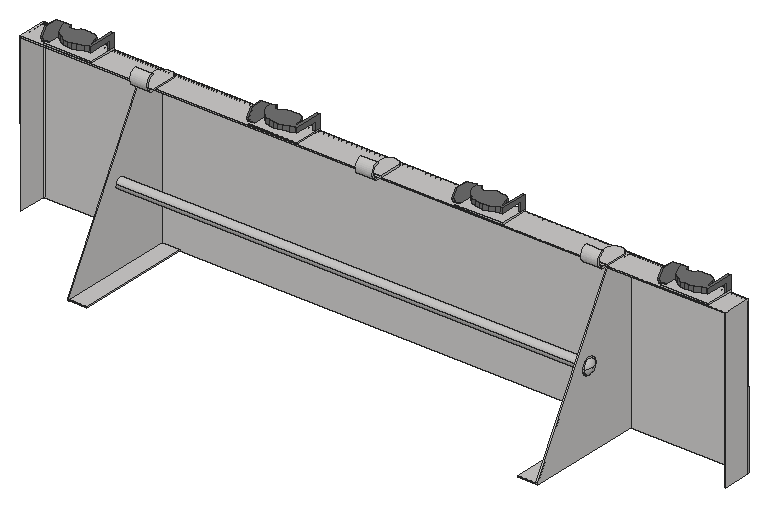
Revit family "RBA BIM - B224", category Specialty Equipment, host Face, Revit 2013
Parameters (values of type "B-224")
  URL = "www.rba.com.au"
  Type Comments = "Satin Finish"
  Product Page URL = ""
  Product Name = "Utility Shelf with Mop/Broom Holders And Rag Hooks"
  Model = "B-224"
  Manufacturer = "RBA Group"
  Finish Material = Stainless Steel-Bobrick-Satin
  Default Elevation = 1.2192 m
  Assembly Code = "C1030200"
  ADA Compliant = yes
Reference planes (m)
  plane 1 "Center (Front/Back)": y = 0
  plane 2: z = 0
  plane 3 "Center (Left/Right)": x = 0
  plane 4: y = -0.1524
  plane 5 "Left": x = -0.4572
  plane 6 "Right": x = 0.4572
  plane 7: y = -0.0381
  plane 8: y = -0.09525
  plane 9 "Front": z = 0.2032
  plane 10: x = -0.2921
  plane 11: x = 0.2921
  plane 12: x = -0.40005
  plane 13: x = -0.13335
  plane 14: x = 0.13335
  plane 15: x = 0.40005
  plane 16: z = 0.001587
  plane 17: x = -0.3048
  plane 18: x = -0.2794
  plane 19: x = -0.303212
  plane 20: z = 0.001587
  plane 21: x = 0.3048
  plane 22: x = 0.2794
  plane 23: x = 0.303213
  plane 24: z = 0.1016
  plane 25: y = -0.06985
Forms (m)
  Sweep 1, solid, material "Stainless Steel-Bobrick-Satin" <- "Finish Material"
    path origin (0, 0, 0) x (1, 0, 0) y (0, 0, 1)
      loop
        line (-0.4572, 0) -> (-0.4572, 0.2032) -> (0.4572, 0.2032) -> (0.4572, 0)
    profile origin (-0.4572, 0, 0) x (-1, 0, 0) y (0, -1, 0)
      loop
        line (0, 0.0381) -> (-0.001191, 0.0381) -> (-0.001191, 0.002778)
        arc (-0.001191, 0.002778) -> (-0.001656, 0.001656) -> (-0.002778, 0.001191) r 0.001587
        line (-0.002778, 0.001191) -> (-0.0254, 0.001191) -> (-0.0254, 0) -> (-0.001578, 0)
        arc (-0.001578, 0) -> (-0.000462, 0.000462) -> (0, 0.001578) r 0.001578
        line (0, 0.001578) -> (0, 0.0381)
  Extrusion 2, solid, material "Stainless Steel-Bobrick-Satin" <- "Finish Material"
    sketch origin (0, 0, 0) x (1, 0, 0) y (0, 0, 1)
      loop
        line (-0.4318, 0.1778) -> (-0.4318, 0) -> (0.4318, 0) -> (0.4318, 0.1778) -> (-0.4318, 0.1778)
    from 0 to 0.001191
  Extrusion 3, solid, material "Stainless Steel-Bobrick-Satin" <- "Finish Material"
    sketch origin (0, 0, 0) x (0, 1, 0) y (0, 0, 1)
      loop
        line (-0.001191, 0) -> (-0.001191, 0.001587) -> (-0.1524, 0.001587) -> (-0.1524, 0) -> (-0.001191, 0)
    from -0.3048 to -0.2794
  Extrusion 4, solid, material "Stainless Steel-Bobrick-Satin" <- "Finish Material"
    sketch origin (0, 0, 0) x (0, 1, 0) y (0, 0, 1)
      loop
        line (-0.1524, 0) -> (-0.001191, 0) -> (-0.001191, 0.200422)
        arc (-0.001191, 0.200422) -> (-0.001656, 0.201544) -> (-0.002778, 0.202009) r 0.001587
        line (-0.002778, 0.202009) -> (-0.0381, 0.202009) -> (-0.1524, 0.001587) -> (-0.1524, 0)
    from -0.3048 to -0.303213
  Extrusion 5, solid, material "Stainless Steel-Bobrick-Satin" <- "Finish Material"
    sketch origin (0, 0, 0) x (0, 1, 0) y (0, 0, -1)
      loop
        line (-0.001191, 0) -> (-0.1524, 0) -> (-0.1524, -0.001587) -> (-0.001191, -0.001587) -> (-0.001191, 0)
    from -0.3048 to -0.2794
  Extrusion 6, solid, material "Stainless Steel-Bobrick-Satin" <- "Finish Material"
    sketch origin (0, 0, 0) x (0, 1, 0) y (0, 0, -1)
      loop
        line (-0.1524, 0) -> (-0.1524, -0.001587) -> (-0.0381, -0.202009) -> (-0.002778, -0.202009)
        arc (-0.002778, -0.202009) -> (-0.001656, -0.201544) -> (-0.001191, -0.200422) r 0.001587
        line (-0.001191, -0.200422) -> (-0.001191, 0) -> (-0.1524, 0)
    from -0.3048 to -0.303213
  Extrusion 7, solid, material "Stainless Steel-Bobrick-Satin" <- "Finish Material", detail levels fine
    sketch origin (0, 0, 0.2032) x (-1, 0, 0) y (0, -1, 0)
      loop
        line (0.303212, 0.0381) -> (0.28135, 0.0381) -> (0.28135, 0.008898)
        arc (0.28135, 0.008898) -> (0.292281, 0.001191) -> (0.303212, 0.008898) r 0.011606
        line (0.303212, 0.008898) -> (0.303212, 0.0381)
    from 0 to 0.001587
  Extrusion 8, solid, material "Stainless Steel-Bobrick-Satin" <- "Finish Material", detail levels fine
    sketch origin (0, 0, 0) x (0, 1, 0) y (0, 0, 1)
      loop
        arc (-0.0424, 0.204787) -> (-0.051104, 0.212829) -> (-0.043776, 0.222141) r 0.008731
        line (-0.043776, 0.222141) -> (-0.043776, 0.223745)
        arc (-0.043776, 0.223745) -> (-0.052696, 0.21283) -> (-0.0424, 0.2032) r 0.010319
        line (-0.0424, 0.2032) -> (-0.0381, 0.2032) -> (-0.0381, 0.204787) -> (-0.0424, 0.204787)
    from -0.303213 to -0.28135
  Extrusion 9, solid, material "Stainless Steel-Bobrick-Satin" <- "Finish Material", detail levels fine
    sketch origin (0.584562, 0, 0.2032) x (-1, 0, 0) y (0, -1, 0)
      loop
        line (0.303212, 0.0381) -> (0.28135, 0.0381) -> (0.28135, 0.008898)
        arc (0.28135, 0.008898) -> (0.292281, 0.001191) -> (0.303212, 0.008898) r 0.011606
        line (0.303212, 0.008898) -> (0.303212, 0.0381)
    from 0 to 0.001587
  Extrusion 10, solid, material "Stainless Steel-Bobrick-Satin" <- "Finish Material", detail levels fine
    sketch origin (0.584562, 0, 0) x (0, 1, 0) y (0, 0, 1)
      loop
        arc (-0.0424, 0.204787) -> (-0.051104, 0.212829) -> (-0.043776, 0.222141) r 0.008731
        line (-0.043776, 0.222141) -> (-0.043776, 0.223745)
        arc (-0.043776, 0.223745) -> (-0.052696, 0.21283) -> (-0.0424, 0.2032) r 0.010319
        line (-0.0424, 0.2032) -> (-0.0381, 0.2032) -> (-0.0381, 0.204787) -> (-0.0424, 0.204787)
    from -0.303213 to -0.28135
  Extrusion 11, solid, material "Stainless Steel-Bobrick-Satin" <- "Finish Material", detail levels fine
    sketch origin (0.2921, 0, 0.2032) x (-1, 0, 0) y (0, -1, 0)
      loop
        line (0.303212, 0.0381) -> (0.28135, 0.0381) -> (0.28135, 0.008898)
        arc (0.28135, 0.008898) -> (0.292281, 0.001191) -> (0.303212, 0.008898) r 0.011606
        line (0.303212, 0.008898) -> (0.303212, 0.0381)
    from 0 to 0.001587
  Extrusion 12, solid, material "Stainless Steel-Bobrick-Satin" <- "Finish Material", detail levels fine
    sketch origin (0.2921, 0, 0) x (0, 1, 0) y (0, 0, 1)
      loop
        arc (-0.0424, 0.204787) -> (-0.051104, 0.212829) -> (-0.043776, 0.222141) r 0.008731
        line (-0.043776, 0.222141) -> (-0.043776, 0.223745)
        arc (-0.043776, 0.223745) -> (-0.052696, 0.21283) -> (-0.0424, 0.2032) r 0.010319
        line (-0.0424, 0.2032) -> (-0.0381, 0.2032) -> (-0.0381, 0.204787) -> (-0.0424, 0.204787)
    from -0.303213 to -0.28135
  Extrusion 13, solid, material "Stainless Steel-Bobrick-Satin" <- "Finish Material", detail levels fine
    sketch origin (0, 0, 0) x (0, 1, 0) y (0, 0, 1)
      loop
        circle (-0.06985, 0.1016) r 0.00635
    from -0.3048 to 0.3048
  Revolve 14, solid, material "Stainless Steel-Bobrick-Satin" <- "Finish Material", detail levels fine
    sketch origin (0, 0, 0.101798) x (-1, 0, 0) y (0, -1, 0)
      loop
        line (0.3048, 0.06985) -> (0.3048, 0.059512) -> (0.305975, 0.059512) -> (0.305975, 0.060552)
        arc (0.305975, 0.060552) -> (0.309449, 0.064636) -> (0.310697, 0.06985) r 0.011517
        line (0.310697, 0.06985) -> (0.3048, 0.06985)
      axis (0.3048, 0.06985) -> (0.310697, 0.06985)
    angle from 0 to 360
  Revolve 15, solid, material "Stainless Steel-Bobrick-Satin" <- "Finish Material", detail levels fine
    sketch origin (0, 0, 0.101798) x (1, 0, 0) y (0, -1, 0)
      loop
        line (0.3048, 0.06985) -> (0.3048, 0.059512) -> (0.305975, 0.059512) -> (0.305975, 0.060552)
        arc (0.305975, 0.060552) -> (0.309449, 0.064636) -> (0.310697, 0.06985) r 0.011517
        line (0.310697, 0.06985) -> (0.3048, 0.06985)
      axis (0.3048, 0.06985) -> (0.310697, 0.06985)
    angle from 0 to 360
Cuts and joins
  joined: Sweep 1, Extrusion 2, Extrusion 3, Extrusion 5, Extrusion 6
  joined: Extrusion 7, Extrusion 8
Lines and regions (m)
  Masking region 1
    outline origin (0, 0, 0) x (0, 1, 0) y (0, 0, 1)
      loop
        line (0, 0) -> (0, 0.201604)
        arc (0, 0.201604) -> (-0.000467, 0.202733) -> (-0.001596, 0.2032) r 0.001596
        line (-0.001596, 0.2032) -> (-0.00075, 0.2032) -> (-0.00075, 0.22225) -> (-0.0381, 0.22225) -> (-0.0381, 0.202009) -> (-0.1524, 0.001588) -> (-0.1524, 0) -> (0, 0)
  Masking region 2, detail levels fine
    outline origin (0, 0, 0) x (0, 1, 0) y (0, 0, 1)
      loop
        arc (-0.0424, 0.204787) -> (-0.051104, 0.212829) -> (-0.043776, 0.222141) r 0.008731
        line (-0.043776, 0.222141) -> (-0.043776, 0.223745)
        arc (-0.043776, 0.223745) -> (-0.052696, 0.21283) -> (-0.0424, 0.2032) r 0.010319
        line (-0.0424, 0.2032) -> (-0.0381, 0.2032) -> (-0.0381, 0.204787) -> (-0.0424, 0.204787)
  Masking region 3, detail levels fine
    outline origin (0, 0, 0.2032) x (-1, 0, 0) y (0, -1, 0)
      loop
        line (0.3048, 0.059512) -> (0.305975, 0.059512) -> (0.305975, 0.060552)
        arc (0.305975, 0.060552) -> (0.310733, 0.06985) -> (0.305975, 0.079148) r 0.011465
        line (0.305975, 0.079148) -> (0.305975, 0.080188) -> (0.3048, 0.080188) -> (0.3048, 0.059512)
  Masking region 4, detail levels fine
    outline origin (0, 0, 0.2032) x (0, -1, 0) y (1, 0, 0)
      loop
        line (0.059512, 0.3048) -> (0.080188, 0.3048) -> (0.080188, 0.305975) -> (0.079148, 0.305975)
        arc (0.079148, 0.305975) -> (0.06985, 0.310733) -> (0.060552, 0.305975) r 0.011465
        line (0.060552, 0.305975) -> (0.059512, 0.305975) -> (0.059512, 0.3048)
  Masking region 5, detail levels medium+fine
    outline origin (0, 0, 0.2032) x (-1, 0, 0) y (0, -1, 0)
      loop
        line (0.303212, 0.0635) -> (0.303212, 0.0762) -> (-0.303213, 0.0762) -> (-0.303213, 0.0635) -> (0.303212, 0.0635)
  Masking region 6
    outline origin (0, 0, 0.2032) x (-1, 0, 0) y (0, -1, 0)
      loop
        line (0.4572, 0.0381) -> (-0.4572, 0.0381) -> (-0.4572, 0.001623)
        arc (-0.4572, 0.001623) -> (-0.456725, 0.000475) -> (-0.455577, 0) r 0.001623
        line (-0.455577, 0) -> (0.455637, 0)
        arc (0.455637, 0) -> (0.456742, 0.000458) -> (0.4572, 0.001563) r 0.001563
        line (0.4572, 0.001563) -> (0.4572, 0.0381)
  Masking region 7
    outline origin (0, 0, 0.2032) x (-1, 0, 0) y (0, -1, 0)
      loop
        line (0.3048, 0.0381) -> (0.3048, 0.1524) -> (0.2794, 0.1524) -> (0.2794, 0.0381) -> (0.3048, 0.0381)
      loop
        line (-0.2794, 0.0381) -> (-0.2794, 0.1524) -> (-0.3048, 0.1524) -> (-0.3048, 0.0381) -> (-0.2794, 0.0381)
  Masking region 8, detail levels fine
    outline origin (0, 0, 0.2032) x (-1, 0, 0) y (0, -1, 0)
      loop
        line (0.011112, 0.0381) -> (0.011112, 0.052719) -> (-0.01075, 0.052719) -> (-0.01075, 0.0381) -> (0.011112, 0.0381)
  Masking region 9
    outline origin (0, 0, 0) x (1, 0, 0) y (0, 0, 1)
      loop
        line (-0.457221, 0.203221) -> (-0.457221, 0) -> (0.4572, 0) -> (0.4572, 0.203221) -> (-0.457221, 0.203221)
  Masking region 10, detail levels fine
    outline origin (0, 0, 0) x (1, 0, 0) y (0, 0, 1)
      loop
        line (-0.365919, 0.2032) -> (-0.365919, 0.22225) -> (-0.427831, 0.22225) -> (-0.427831, 0.2032) -> (-0.365919, 0.2032)
      loop
        line (-0.099219, 0.2032) -> (-0.099219, 0.22225) -> (-0.161131, 0.22225) -> (-0.161131, 0.2032) -> (-0.099219, 0.2032)
      loop
        line (0.167481, 0.2032) -> (0.167481, 0.22225) -> (0.105569, 0.22225) -> (0.105569, 0.2032) -> (0.167481, 0.2032)
      loop
        line (0.434181, 0.2032) -> (0.434181, 0.22225) -> (0.372269, 0.22225) -> (0.372269, 0.2032) -> (0.434181, 0.2032)
  Masking region 11, detail levels fine
    outline origin (0, 0, 0) x (1, 0, 0) y (0, 0, 1)
      loop
        line (-0.303212, 0.223745) -> (-0.303212, 0.2032) -> (-0.28135, 0.2032) -> (-0.28135, 0.223745) -> (-0.303212, 0.223745)
      loop
        line (-0.011112, 0.223745) -> (-0.011112, 0.2032) -> (0.01075, 0.2032) -> (0.01075, 0.223745) -> (-0.011112, 0.223745)
      loop
        line (0.28135, 0.223745) -> (0.28135, 0.2032) -> (0.303213, 0.2032) -> (0.303213, 0.223745) -> (0.28135, 0.223745)
  symbolic lines, style "Uitilty Shelf - B224", detail levels medium+fine
    curve 1: arc (0, -0.0635, 0.1016) -> (0, -0.06985, 0.10795) -> (0, -0.0762, 0.1016) r 0.00635
    curve 2: arc (0, -0.0762, 0.1016) -> (0, -0.06985, 0.09525) -> (0, -0.0635, 0.1016) r 0.00635
  symbolic lines, style "Uitilty Shelf - B224"
    curve 3: line (0, -0.001596, 0.2032) -> (0, -0.0381, 0.2032)
    curve 6: line (0, -0.001191, 0.001587) -> (0, -0.1524, 0.001587)
    curve 7: line (0, -0.001191, 0.200422) -> (0, -0.001191, 0.001587)
    curve 8: line (0, -0.0381, 0.202009) -> (0, -0.002778, 0.202009)
    curve 9: arc (0, -0.001191, 0.200422) -> (0, -0.001656, 0.201544) -> (0, -0.002778, 0.202009) r 0.001587
  symbolic lines, style "Uitilty Shelf - B224", detail levels fine
    curve 4: line (0, -0.0071, 0.2032) -> (0, -0.0071, 0.2159)
    curve 5: line (0, -0.0071, 0.2159) -> (0, -0.0381, 0.2159)
    curve 10: line (-0.365919, -0.037263, 0.2032) -> (-0.365919, -0.00075, 0.2032)
    curve 11: line (-0.365919, -0.00075, 0.2032) -> (-0.43448, -0.00075, 0.2032)
    curve 12: line (-0.43448, -0.037263, 0.2032) -> (-0.43448, -0.00075, 0.2032)
    curve 13: line (-0.43448, -0.037263, 0.2032) -> (-0.365919, -0.037263, 0.2032)
    curve 14: line (-0.099219, -0.037263, 0.2032) -> (-0.099219, -0.00075, 0.2032)
    curve 15: line (-0.099219, -0.00075, 0.2032) -> (-0.16778, -0.00075, 0.2032)
    curve 16: line (-0.16778, -0.037263, 0.2032) -> (-0.16778, -0.00075, 0.2032)
    curve 17: line (-0.16778, -0.037263, 0.2032) -> (-0.099219, -0.037263, 0.2032)
    curve 18: line (0.167481, -0.037263, 0.2032) -> (0.167481, -0.00075, 0.2032)
    curve 19: line (0.167481, -0.00075, 0.2032) -> (0.09892, -0.00075, 0.2032)
    curve 20: line (0.09892, -0.037263, 0.2032) -> (0.09892, -0.00075, 0.2032)
    curve 21: line (0.09892, -0.037263, 0.2032) -> (0.167481, -0.037263, 0.2032)
    curve 22: line (0.434181, -0.037263, 0.2032) -> (0.434181, -0.00075, 0.2032)
    curve 23: line (0.434181, -0.00075, 0.2032) -> (0.36562, -0.00075, 0.2032)
    curve 24: line (0.36562, -0.037263, 0.2032) -> (0.36562, -0.00075, 0.2032)
    curve 25: line (0.36562, -0.037263, 0.2032) -> (0.434181, -0.037263, 0.2032)
    curve 26: line (-0.303212, -0.0381, 0.2032) -> (-0.303212, -0.1524, 0.2032)
    curve 27: line (0.303213, -0.0381, 0.2032) -> (0.303213, -0.1524, 0.2032)
    curve 28: line (-0.28135, -0.052719, 0.2032) -> (-0.28135, -0.008898, 0.2032)
    curve 29: line (-0.28135, -0.052719, 0.2032) -> (-0.303212, -0.052719, 0.2032)
    curve 30: line (-0.303212, -0.0381, 0.2032) -> (-0.303212, -0.008898, 0.2032)
    curve 31: arc (-0.28135, -0.008898, 0.2032) -> (-0.292281, -0.001191, 0.2032) -> (-0.303212, -0.008898, 0.2032) r 0.011606
    curve 32: line (-0.011112, -0.0381, 0.2032) -> (-0.011112, -0.008898, 0.2032)
    curve 33: line (0.01075, -0.0381, 0.2032) -> (0.01075, -0.008898, 0.2032)
    curve 34: arc (0.01075, -0.008898, 0.2032) -> (-0.000181, -0.001191, 0.2032) -> (-0.011112, -0.008898, 0.2032) r 0.011606
    curve 35: line (0.303213, -0.0381, 0.2032) -> (0.303213, -0.008898, 0.2032)
    curve 36: line (0.28135, -0.052719, 0.2032) -> (0.28135, -0.008898, 0.2032)
    curve 37: arc (0.303213, -0.008898, 0.2032) -> (0.292281, -0.001191, 0.2032) -> (0.28135, -0.008898, 0.2032) r 0.011606
    curve 38: line (0.28135, -0.052719, 0.2032) -> (0.303213, -0.052719, 0.2032)
Dimensions and locks (m)
  equal spacing: plane 5 "Left", plane 3 "Center (Left/Right)", plane 6 "Right"
  plane 5 "Left" to plane 6 "Right" = 0.9144 m
  locked: plane 4 to plane 1 "Center (Front/Back)" at 0.1524
  locked: plane 7 to plane 1 "Center (Front/Back)" at 0.0381
  locked: plane 9 "Front" to plane 2 at 0.2032
  locked: plane 5 "Left" to plane 10 at 0.1651
  locked: plane 10 to plane 11 at 0.5842
  locked: plane 5 "Left" to plane 12 at 0.05715
  plane 12 to plane 13 = 0.2667 m
  locked: plane 13 to plane 14 at 0.2667
  locked: plane 14 to plane 15 at 0.2667
  plane 16 to host face = 0.001587 m
  locked: plane 17 to plane 19 at 0.001588
  plane 21 to plane 23 = 0.001588 m
  plane 24 to host face = 0.1016 m
  aligned and locked: host face to plane 2
  aligned and locked: level to host face
  aligned and locked: plane 5 "Left" to Sweep 1 sketch curve
  aligned and locked: Sweep 1 sketch curve to plane 9 "Front"
  aligned and locked: Sweep 1 sketch curve to plane 6 "Right"
  aligned and locked: profile plane to Sweep 1 sketch curve
  aligned and locked: Extrusion 2 sketch curve to Sweep 1  (x4)
  aligned and locked: Extrusion 2 to plane 1 "Center (Front/Back)"
  aligned and locked: Sweep 1 to Extrusion 2
  aligned and locked: nested 1 to plane 9 "Front"
  aligned and locked: nested 2 to plane 9 "Front"
  aligned and locked: nested 2 to nested 1
  aligned and locked: Sweep 1 to Extrusion 3 sketch curve
  aligned: Sweep 1 to Extrusion 3 sketch curve
  aligned and locked: Extrusion 3 sketch curve to plane 4
  aligned and locked: Extrusion 3 sketch curve to plane 16
  aligned: plane 17 to Extrusion 3
  aligned: plane 18 to Extrusion 3
  aligned and locked: Extrusion 3 to Sweep 1
  aligned and locked: Extrusion 4 sketch curve to Extrusion 3
  aligned and locked: Extrusion 4 sketch curve to Sweep 1  (x2)
  aligned and locked: Extrusion 4 to Extrusion 3
  aligned and locked: Extrusion 4 to plane 19
  aligned and locked: plane 20 to Extrusion 5 sketch curve
  aligned and locked: Extrusion 6 sketch curve to Extrusion 5
  aligned and locked: Extrusion 6 to Extrusion 5
  aligned and locked: plane 23 to Extrusion 6
  aligned and locked: plane 22 to Extrusion 5
  aligned and locked: plane 21 to Extrusion 5
  aligned and locked: Extrusion 5 to Sweep 1
  aligned and locked: plane 21 to Extrusion 6
  aligned and locked: Extrusion 7 to nested 1
  aligned and locked: plane 19 to Extrusion 8
  aligned and locked: Extrusion 8 to Extrusion 7
  aligned and locked: Extrusion 10 to Extrusion 9
  aligned and locked: plane 23 to Extrusion 10
  aligned and locked: Extrusion 9 to Extrusion 10
  aligned and locked: Extrusion 9 to cut or joined group of Sweep 1, Extrusion 2, Extrusion 3, Extrusion 5, Extrusion 6
  aligned and locked: Extrusion 12 to Extrusion 11
  aligned and locked: plane 17 to Extrusion 13
  aligned and locked: plane 21 to Extrusion 13
  aligned and locked: host face to Masking region 1 sketch curve
  aligned and locked: plane 1 "Center (Front/Back)" to Masking region 1 sketch curve
  aligned and locked: plane 7 to Masking region 1 sketch curve
  aligned and locked: Masking region 1 sketch curve to nested 1
  aligned and locked: curve 3 to Masking region 1
  aligned and locked: curve 4 to nested 1
  aligned and locked: curve 5 to nested 1
  aligned and locked: Masking region 2 sketch curve to cut or joined group of Extrusion 7, Extrusion 8  (x3)
  aligned and locked: cut or joined group of Extrusion 7, Extrusion 8 to Masking region 2 sketch curve
  aligned and locked: Masking region 2 sketch curve to Extrusion 12
  aligned and locked: curve 6 to cut or joined group of Sweep 1, Extrusion 2, Extrusion 3, Extrusion 5, Extrusion 6
  aligned and locked: curve 8 to cut or joined group of Sweep 1, Extrusion 2, Extrusion 3, Extrusion 5, Extrusion 6
  aligned and locked: curve 9 to cut or joined group of Sweep 1, Extrusion 2, Extrusion 3, Extrusion 5, Extrusion 6
  aligned and locked: curve 10 to nested 1
  aligned and locked: curve 11 to nested 1
  aligned and locked: curve 12 to nested 1
  aligned and locked: curve 13 to nested 1
  aligned and locked: Masking region 3 sketch curve to Revolve 14
  aligned and locked: cut or joined group of Sweep 1, Extrusion 2, Extrusion 3, Extrusion 5, Extrusion 6 to curve 27
  aligned and locked: cut or joined group of Sweep 1, Extrusion 2, Extrusion 3, Extrusion 5, Extrusion 6 to Masking region 5 sketch curve
  aligned and locked: Masking region 6 sketch curve to plane 7
  aligned and locked: Masking region 6 sketch curve to cut or joined group of Sweep 1, Extrusion 2, Extrusion 3, Extrusion 5, Extrusion 6
  aligned and locked: plane 6 "Right" to Masking region 6 sketch curve
  aligned and locked: Masking region 7 sketch curve to cut or joined group of Sweep 1, Extrusion 2, Extrusion 3, Extrusion 5, Extrusion 6  (x3)
  aligned and locked: Masking region 7 sketch curve to plane 22
  aligned and locked: curve 28 to cut or joined group of Extrusion 7, Extrusion 8
  aligned and locked: curve 30 to plane 19
  aligned and locked: curve 31 to cut or joined group of Extrusion 7, Extrusion 8
  aligned and locked: curve 32 to Extrusion 11
  aligned and locked: curve 33 to Extrusion 11
  aligned and locked: curve 34 to Extrusion 11
  aligned and locked: Masking region 8 sketch curve to Extrusion 11  (x2)
  aligned and locked: Masking region 8 sketch curve to Extrusion 12
  aligned and locked: curve 36 to Extrusion 9
  aligned and locked: curve 37 to Extrusion 9
  aligned and locked: Masking region 9 sketch curve to cut or joined group of Sweep 1, Extrusion 2, Extrusion 3, Extrusion 5, Extrusion 6  (x4)
  aligned and locked: Masking region 10 sketch curve to nested 1  (x4)
  aligned and locked: Masking region 11 sketch curve to cut or joined group of Extrusion 7, Extrusion 8  (x4)
  aligned and locked: Masking region 11 sketch curve to Extrusion 12  (x3)
  aligned and locked: Masking region 11 sketch curve to Extrusion 11
  aligned and locked: Masking region 11 sketch curve to Extrusion 10  (x3)
  aligned and locked: Masking region 11 sketch curve to Extrusion 9
Automatic sketch dimensions
  curve 6 to plane 4 = 0.000 m
  curve 8 to plane 7 = 0.000 m
  curve 5 to plane 7 = 0.000 m
  curve 3 to plane 7 = 0.000 m
  plane 1 "Center (Front/Back)" to curve 3 = 0.001596 m
  host sketch curve to host sketch curve = 2.4384 m  (x2)
  Sweep 1 sketch curve to level = 0.000 m  (x2)
  plane 1 "Center (Front/Back)" to Sweep 1 sketch curve = 0.000 m
  profile plane to Sweep 1 sketch curve = 0.001191 m
  Sweep 1 sketch curve to Sweep 1 sketch curve = 0.000388 m
  Sweep 1 sketch curve to Sweep 1 sketch curve = 0.0012 m
  plane 1 "Center (Front/Back)" to Sweep 1 sketch curve = 0.001191 m
  Sweep 1 sketch curve to Sweep 1 sketch curve = 0.022622 m
  Sweep 1 sketch curve to Sweep 1 sketch curve = 0.035322 m
  plane 1 "Center (Front/Back)" to Extrusion 3 sketch curve = 0.001191 m
  Extrusion 4 sketch curve to plane 4 = 0.000 m
  Extrusion 4 sketch curve to plane 7 = 0.000 m
  Extrusion 4 sketch curve to Extrusion 4 sketch curve = 0.001588 m
  Extrusion 4 sketch curve to Extrusion 4 sketch curve = 0.001587 m
  Extrusion 5 sketch curve to level = 0.000 m
  Extrusion 5 sketch curve to plane 4 = 0.000 m
  plane 1 "Center (Front/Back)" to Extrusion 5 sketch curve = 0.001191 m
  Extrusion 6 sketch curve to plane 4 = 0.000 m
  Extrusion 6 sketch curve to plane 7 = 0.000 m
  Extrusion 6 sketch curve to plane 9 "Front" = 0.001191 m
  plane 1 "Center (Front/Back)" to Extrusion 6 sketch curve = 0.002778 m
  plane 1 "Center (Front/Back)" to Extrusion 6 sketch curve = 0.001191 m
  level to Extrusion 6 sketch curve = 0.001587 m
  plane 7 to Extrusion 7 sketch curve = 0.000 m
  Extrusion 7 sketch curve to plane 19 = 0.000 m
  plane 10 to Extrusion 7 sketch curve = 0.000181 m
  Extrusion 7 sketch curve to plane 18 = 0.00195 m
  plane 1 "Center (Front/Back)" to Extrusion 7 sketch curve = 0.012797 m
  plane 1 "Center (Front/Back)" to Extrusion 7 sketch curve = 0.008898 m
  Extrusion 8 sketch curve to Extrusion 8 sketch curve = 0.000 m  (x2)
  Extrusion 8 sketch curve to plane 9 "Front" = 0.000 m
  Extrusion 8 sketch curve to plane 7 = 0.000 m
  plane 9 "Front" to Extrusion 8 sketch curve = 0.001588 m
  plane 7 to Extrusion 8 sketch curve = 0.0043 m
  plane 7 to Extrusion 8 sketch curve = 0.005676 m
  Extrusion 8 sketch curve to Extrusion 8 sketch curve = 0.008731 m
  plane 7 to Extrusion 9 sketch curve = 0.000 m
  Extrusion 9 sketch curve to plane 23 = 0.000 m
  Extrusion 9 sketch curve to plane 11 = 0.000181 m
  Extrusion 9 sketch curve to plane 22 = 0.00195 m
  plane 1 "Center (Front/Back)" to Extrusion 9 sketch curve = 0.012797 m
  plane 1 "Center (Front/Back)" to Extrusion 9 sketch curve = 0.008898 m
  Extrusion 10 sketch curve to Extrusion 10 sketch curve = 0.000 m  (x2)
  Extrusion 10 sketch curve to plane 9 "Front" = 0.000 m
  Extrusion 10 sketch curve to plane 7 = 0.000 m
  plane 9 "Front" to Extrusion 10 sketch curve = 0.001588 m
  plane 7 to Extrusion 10 sketch curve = 0.0043 m
  plane 7 to Extrusion 10 sketch curve = 0.005676 m
  Extrusion 10 sketch curve to Extrusion 10 sketch curve = 0.008731 m
  plane 7 to Extrusion 11 sketch curve = 0.000 m
  plane 3 "Center (Left/Right)" to Extrusion 11 sketch curve = 0.01075 m
  Extrusion 11 sketch curve to plane 3 "Center (Left/Right)" = 0.000181 m
  plane 1 "Center (Front/Back)" to Extrusion 11 sketch curve = 0.008898 m
  Extrusion 11 sketch curve to plane 3 "Center (Left/Right)" = 0.011112 m
  Extrusion 11 sketch curve to Extrusion 11 sketch curve = 0.003899 m
  Extrusion 12 sketch curve to Extrusion 12 sketch curve = 0.000 m  (x2)
  Extrusion 12 sketch curve to plane 9 "Front" = 0.000 m
  Extrusion 12 sketch curve to plane 7 = 0.000 m
  plane 9 "Front" to Extrusion 12 sketch curve = 0.001588 m
  plane 7 to Extrusion 12 sketch curve = 0.0043 m
  plane 7 to Extrusion 12 sketch curve = 0.005676 m
  Extrusion 12 sketch curve to Extrusion 12 sketch curve = 0.008731 m
  Extrusion 13 sketch curve to plane 24 = 0.000 m
  Extrusion 13 sketch curve to plane 25 = 0.000 m
  Revolve 14 sketch curve to plane 10 = 0.000 m
  plane 25 to Revolve 14 sketch curve = 0.000 m  (x2)
  Revolve 14 sketch curve to plane 17 = 0.000 m
  Revolve 14 sketch curve to plane 19 = 0.004033 m
  plane 17 to Revolve 14 sketch curve = 0.001175 m
  Revolve 14 sketch curve to Revolve 14 sketch curve = 0.005897 m
  Revolve 14 sketch curve to Revolve 14 sketch curve = 0.002472 m
  Revolve 14 sketch curve to Revolve 14 sketch curve = 0.001039 m
  Revolve 15 sketch curve to plane 11 = 0.000 m
  plane 25 to Revolve 15 sketch curve = 0.000 m  (x2)
  Revolve 15 sketch curve to plane 21 = 0.000 m
  plane 23 to Revolve 15 sketch curve = 0.004033 m
  Revolve 15 sketch curve to plane 21 = 0.001175 m
  Revolve 15 sketch curve to Revolve 15 sketch curve = 0.005897 m
  Revolve 15 sketch curve to Revolve 15 sketch curve = 0.002472 m
  Revolve 15 sketch curve to Revolve 15 sketch curve = 0.001039 m
  Masking region 1 sketch curve to plane 9 "Front" = 0.000 m  (x2)
  Masking region 1 sketch curve to Masking region 1 sketch curve = 0.001596 m
  Masking region 1 sketch curve to Masking region 1 sketch curve = 0.000 m
  plane 1 "Center (Front/Back)" to Masking region 1 sketch curve = 0.00075 m
  plane 25 to Masking region 3 sketch curve = 0.000 m
  Masking region 3 sketch curve to plane 19 = 0.003945 m
  Masking region 3 sketch curve to Masking region 3 sketch curve = 0.001175 m  (x2)
  Masking region 3 sketch curve to plane 25 = 0.009298 m
  Masking region 3 sketch curve to Masking region 3 sketch curve = 0.001039 m  (x2)
  Masking region 4 sketch curve to plane 21 = 0.000 m
  plane 25 to Masking region 4 sketch curve = 0.000 m
  plane 21 to Masking region 4 sketch curve = 0.001175 m  (x2)
  Masking region 4 sketch curve to plane 25 = 0.009298 m
  Masking region 4 sketch curve to Masking region 4 sketch curve = 0.001039 m  (x2)
  Masking region 4 sketch curve to plane 23 = 0.003945 m
  Masking region 5 sketch curve to plane 25 = 0.00635 m
  plane 25 to Masking region 5 sketch curve = 0.00635 m
  plane 1 "Center (Front/Back)" to Masking region 6 sketch curve = 0.000 m
  Masking region 6 sketch curve to plane 6 "Right" = 0.001623 m
  Masking region 6 sketch curve to Masking region 6 sketch curve = 0.001563 m
  plane 7 to Masking region 7 sketch curve = 0.000 m  (x2)
  Masking region 1 sketch curve to plane 4 = 0.000 m
  Masking region 1 sketch curve to Masking region 1 sketch curve = 0.001588 m
  Masking region 1 sketch curve to plane 9 "Front" = 0.001191 m
  Masking region 5 sketch curve to plane 19 = 0.000 m
  plane 4 to Masking region 7 sketch curve = 0.000 m
  Masking region 7 sketch curve to plane 17 = 0.000 m
  curve 1 to curve 2 = 0.000 m  (x2)
  curve 1 to plane 24 = 0.000 m
  curve 2 to plane 25 = 0.000 m
  plane 25 to curve 1 = 0.00635 m
  plane 7 to Masking region 8 sketch curve = 0.014619 m
  plane 7 to curve 33 = 0.000 m
  plane 7 to curve 32 = 0.000 m
  plane 7 to curve 30 = 0.000 m
  plane 7 to curve 27 = 0.000 m
  plane 4 to curve 27 = 0.000 m
  plane 4 to curve 26 = 0.000 m
  curve 25 to plane 7 = 0.000837 m
  plane 15 to curve 25 = 0.03443 m
  curve 22 to plane 6 "Right" = 0.023019 m
  plane 1 "Center (Front/Back)" to curve 19 = 0.00075 m
  curve 19 to plane 14 = 0.034131 m
  plane 14 to curve 20 = 0.03443 m
  plane 1 "Center (Front/Back)" to curve 14 = 0.00075 m
  curve 14 to plane 13 = 0.034131 m
  curve 16 to plane 7 = 0.000837 m
  plane 13 to curve 16 = 0.03443 m
  plane 1 "Center (Front/Back)" to curve 23 = 0.00075 m
  curve 21 to plane 7 = 0.000837 m
  plane 7 to curve 36 = 0.014619 m
  curve 26 to curve 29 = 0.014619 m
  Masking region 10 sketch curve to plane 9 "Front" = 0.000 m  (x3)
  plane 13 to Masking region 10 sketch curve = 0.027781 m
  Masking region 10 sketch curve to plane 13 = 0.034131 m
  plane 14 to Masking region 10 sketch curve = 0.027781 m
  Masking region 10 sketch curve to plane 14 = 0.034131 m
  plane 15 to Masking region 10 sketch curve = 0.027781 m
  Masking region 10 sketch curve to plane 6 "Right" = 0.023019 m
  Masking region 10 sketch curve to Masking region 10 sketch curve = 0.01905 m  (x3)
  radius of Extrusion 13 sketch curve = 0.00635 m
Nested families (m)
  nested 1: "Utility_Shelf-Bobrick-Mop_Broom_Holder" at (-0.40005, -0.011614, 0.214857), type "Utility_Shelf-Bobrick-Mop_Broom_Holder", detail levels fine
  nested 2: "Utility_Shelf-Bobrick-Mop_Broom_Holder" at (-0.13335, -0.011614, 0.214857), type "Utility_Shelf-Bobrick-Mop_Broom_Holder", detail levels fine
  nested 3: "Utility_Shelf-Bobrick-Mop_Broom_Holder" at (0.13335, -0.011614, 0.214857), type "Utility_Shelf-Bobrick-Mop_Broom_Holder", detail levels fine
  nested 4: "Utility_Shelf-Bobrick-Mop_Broom_Holder" at (0.40005, -0.011614, 0.214857), type "Utility_Shelf-Bobrick-Mop_Broom_Holder", detail levels fine
Definition of nested family "Utility_Shelf-Bobrick-Mop_Broom_Holder"
  Parameters (values of type "Utility_Shelf-Bobrick-Mop_Broom_Holder")
    Finish Material = Stainless Steel-Bobrick-Satin
    Assembly Code = ""
  Reference planes (m)
    plane 1 "Center (Front/Back)": y = 0
    plane 2: z = 0
    plane 3 "Center (Left/Right)": x = 0
    plane 4: x = 0.034131
    plane 5: x = -0.034131
    plane 6: z = 0.018256
    plane 7: z = -0.018256
    plane 8: x = -0.027781
    plane 9: x = 0.030956
    plane 10: y = -0.001588
    plane 11: y = -0.020638
    plane 12: x = -0.030956
  Forms (m)
    Extrusion 1, solid, material "Stainless Steel-Bobrick-Satin" <- "Finish Material"
      sketch origin (0, -0.007393, -0.011657) x (1, 0, 0) y (0, 1, 0)
        loop
          line (0.034131, 0.018256) -> (-0.027781, 0.018256) -> (-0.027781, -0.018256) -> (0.034131, -0.018256) -> (0.034131, 0.018256)
      from 0 to 0.001587
    Extrusion 2, solid, material "Rubber-Bobrick"
      sketch origin (0, -0.007393, -0.011657) x (0, 0, 1) y (0, -1, 0)
        loop
          line (0, -0.018256) -> (0.01905, -0.018256) -> (0.01905, 0.018256) -> (0.0127, 0.018256) -> (0.0127, -0.011906) -> (0, -0.011906) -> (0, -0.018256)
      from 0.030956 to 0.034131
    Extrusion 3, solid, material "Rubber-Bobrick"
      sketch origin (0.003823, -0.007393, 0.001328) x (0.422618, 0, -0.906308) y (0, 1, 0)
        loop
          line (-0.017321, 0.007574) -> (-0.017321, -0.007574) -> (-0.009841, -0.018256) -> (-0.006034, -0.018256) -> (-0.001588, -0.011906) -> (-0.001588, 0.011906) -> (-0.006034, 0.018256) -> (-0.009841, 0.018256) -> (-0.017321, 0.007574)
      from -0.034131 to -0.031218
    Extrusion 4, solid, material "Rubber-Bobrick"
      sketch origin (0, 0.010864, 0.007393) x (0, -1, 0) y (1, 0, 0)
        loop
          line (0.018354, 0.026258) -> (0.016193, 0.023634) -> (0.014337, 0.020247) -> (0.013549, 0.018193) -> (0.013282, 0.014324) -> (0.013205, 0.007558) -> (0.014408, 0.003096) -> (0.017298, 0.000499) -> (0.018891, -0.002252) -> (0.01938, -0.00531) -> (0.017824, -0.008258) -> (0.014934, -0.010138) -> (0.013378, -0.010798) -> (0.01475, -0.017149)
          arc (0.01475, -0.017149) -> (0.024583, -0.015311) -> (0.033182, -0.010201) r 0.028616
          line (0.033182, -0.010201) -> (0.038966, -0.003937) -> (0.041931, 0.003212) -> (0.042191, 0.008761) -> (0.042365, 0.013562) -> (0.041088, 0.019446) -> (0.038324, 0.026778) -> (0.036513, 0.030956) -> (0.032032, 0.030956) -> (0.030727, 0.029651) -> (0.023301, 0.028012) -> (0.018354, 0.026258)
      from -0.00635 to 0
  Cuts and joins
    joined: Extrusion 2, Extrusion 3, Extrusion 4
  Lines and regions (m)
    model lines
      curve 1: line (-0.008894, 0.006181, -0.01007) -> (-0.006977, 0.008095, -0.01007)
      curve 2: line (-0.006977, 0.008095, -0.01007) -> (-0.004281, 0.008823, -0.01007)
      curve 3: line (-0.004281, 0.008823, -0.01007) -> (-0.001589, 0.008095, -0.01007)
      curve 4: line (-0.001589, 0.008095, -0.01007) -> (0.000326, 0.006181, -0.01007)
      curve 5: line (0.000326, 0.006181, -0.01007) -> (0.001055, 0.003486, -0.01007)
      curve 6: line (0.001055, 0.003486, -0.01007) -> (0.000326, 0.000794, -0.01007)
      curve 7: line (0.000326, 0.000794, -0.01007) -> (-0.001589, -0.001121, -0.01007)
      curve 8: line (-0.001589, -0.001121, -0.01007) -> (-0.004281, -0.00185, -0.01007)
      curve 9: line (-0.004281, -0.00185, -0.01007) -> (-0.006977, -0.001121, -0.01007)
      curve 10: line (-0.006977, -0.001121, -0.01007) -> (-0.008894, 0.000794, -0.01007)
      curve 11: line (-0.008894, 0.000794, -0.01007) -> (-0.009623, 0.003486, -0.01007)
      curve 12: line (-0.009623, 0.003486, -0.01007) -> (-0.008894, 0.006181, -0.01007)
      curve 13: line (0.020648, 0.008095, -0.01007) -> (0.023343, 0.008823, -0.01007)
      curve 14: line (0.023343, 0.008823, -0.01007) -> (0.026035, 0.008095, -0.01007)
      curve 15: line (0.026035, 0.008095, -0.01007) -> (0.027951, 0.006181, -0.01007)
      curve 16: line (0.027951, 0.006181, -0.01007) -> (0.02868, 0.003486, -0.01007)
      curve 17: line (0.02868, 0.003486, -0.01007) -> (0.027951, 0.000794, -0.01007)
      curve 18: line (0.027951, 0.000794, -0.01007) -> (0.026035, -0.001121, -0.01007)
      curve 19: line (0.026035, -0.001121, -0.01007) -> (0.023343, -0.00185, -0.01007)
      curve 20: line (0.023343, -0.00185, -0.01007) -> (0.020648, -0.001121, -0.01007)
      curve 21: line (0.020648, -0.001121, -0.01007) -> (0.018731, 0.000794, -0.01007)
      curve 22: line (0.018731, 0.000794, -0.01007) -> (0.018002, 0.003486, -0.01007)
      curve 23: line (0.018002, 0.003486, -0.01007) -> (0.018731, 0.006181, -0.01007)
      curve 24: line (0.018731, 0.006181, -0.01007) -> (0.020648, 0.008095, -0.01007)
  Dimensions and locks (m)
    equal spacing: plane 6, level, plane 7
    locked: plane 6 to plane 7 at 0.036512
    equal spacing: plane 4, plane 3 "Center (Left/Right)", plane 5
    locked: plane 4 to plane 5 at 0.068263
    locked: plane 8 to plane 5 at 0.00635
    locked: plane 4 to plane 9 at 0.003175
    locked: plane 1 "Center (Front/Back)" to plane 10 at 0.001588
    plane 1 "Center (Front/Back)" to plane 11 = 0.020637 m
    locked: Extrusion 2 sketch curve to Extrusion 2 sketch curve at 0.00635  (x2)
    aligned and locked: plane 2 to level
    aligned: Extrusion 1 to plane 1 "Center (Front/Back)"
    aligned: Extrusion 1 to plane 10
    aligned: plane 10 to Extrusion 2
    aligned and locked: cut or joined group of Extrusion 2, Extrusion 3, Extrusion 4 to Extrusion 4
    aligned: Extrusion 4 to plane 11
  Automatic sketch dimensions
    Extrusion 1 sketch curve to plane 8 = 0.000 m
    Extrusion 1 sketch curve to plane 4 = 0.000 m
    Extrusion 1 sketch curve to plane 11 = 0.005011 m
    Extrusion 1 sketch curve to plane 1 "Center (Front/Back)" = 0.010864 m
    Extrusion 2 sketch curve to plane 7 = 0.006599 m
    Extrusion 2 sketch curve to level = 0.001043 m
    plane 11 to Extrusion 2 sketch curve = 0.005011 m
    plane 1 "Center (Front/Back)" to Extrusion 2 sketch curve = 0.004514 m
    Extrusion 3 sketch curve to plane 1 "Center (Front/Back)" = 0.000182 m
    Extrusion 3 sketch curve to Extrusion 3 sketch curve = 0.00748 m  (x2)
    Extrusion 3 sketch curve to plane 11 = 0.005011 m
    Extrusion 3 sketch curve to plane 1 "Center (Front/Back)" = 0.010864 m
    Extrusion 3 sketch curve to Extrusion 3 sketch curve = 0.003807 m  (x2)
    Extrusion 3 sketch curve to plane 1 "Center (Front/Back)" = 0.004514 m
    Extrusion 3 sketch curve to Extrusion 3 sketch curve = 0.004446 m
    plane 11 to Extrusion 3 sketch curve = 0.001339 m
    plane 11 to Extrusion 3 sketch curve = 0.005671 m
    curve 12 to Extrusion 1 = 0.007377 m
    curve 12 to Extrusion 1 = 0.018158 m
    curve 1 to Extrusion 1 = 0.004683 m
    curve 12 to curve 1 = 0.000729 m
    curve 11 to curve 11 = 0.000729 m
    curve 1 to Extrusion 1 = 0.002769 m
    curve 1 to curve 1 = 0.001917 m
    curve 10 to curve 10 = 0.001917 m
    curve 3 to Extrusion 1 = 0.00204 m
    curve 1 to curve 3 = 0.002696 m
    curve 10 to curve 8 = 0.002696 m
    curve 4 to Extrusion 1 = 0.002769 m
    curve 3 to curve 4 = 0.002692 m
    curve 7 to Extrusion 1 = 0.011985 m
    curve 8 to curve 7 = 0.002692 m
    curve 7 to Extrusion 1 = 0.01007 m
    curve 8 to curve 7 = 0.001915 m
    curve 4 to Extrusion 1 = 0.004683 m
    curve 4 to curve 4 = 0.001915 m
    curve 5 to Extrusion 1 = 0.007377 m
    curve 6 to curve 5 = 0.000729 m
    curve 9 to curve 7 = 0.000729 m
    curve 9 to curve 9 = 0.000729 m
    curve 9 to curve 10 = 0.001915 m
    curve 23 to Extrusion 1 = 0.007377 m
    curve 23 to Extrusion 1 = 0.016129 m
    curve 23 to Extrusion 1 = 0.004683 m
    curve 22 to curve 23 = 0.000729 m
    curve 23 to curve 21 = 0.000729 m
    curve 13 to Extrusion 1 = 0.002769 m
    curve 23 to curve 13 = 0.001917 m
    curve 22 to curve 21 = 0.001917 m
    curve 13 to Extrusion 1 = 0.00204 m
    curve 13 to curve 13 = 0.002696 m
    curve 21 to curve 20 = 0.002696 m
    curve 19 to curve 18 = 0.002692 m
    curve 14 to Extrusion 1 = 0.002769 m
    curve 13 to curve 14 = 0.002692 m
    curve 18 to curve 17 = 0.001915 m
    curve 14 to curve 16 = 0.001915 m
    curve 17 to curve 16 = 0.000729 m
    curve 20 to curve 22 = 0.005337 m
    curve 19 to curve 21 = 0.000729 m
    curve 19 to curve 19 = 0.000729 m
    curve 18 to curve 18 = 0.001915 m
    curve 20 to curve 21 = 0.001915 m
    curve 17 to curve 17 = 0.002692 m
    curve 15 to curve 14 = 0.001914 m
    Extrusion 4 sketch curve to Extrusion 2 = 0.000 m  (x2)
    Extrusion 2 to Extrusion 4 sketch curve = 0.00333 m
    Extrusion 4 sketch curve to Extrusion 4 sketch curve = 0.00448 m
    Extrusion 4 sketch curve to Extrusion 2 = 0.001306 m
    Extrusion 4 sketch curve to Extrusion 4 sketch curve = 0.001306 m
    Extrusion 4 sketch curve to Extrusion 2 = 0.002944 m
    Extrusion 4 sketch curve to Extrusion 4 sketch curve = 0.007425 m
    Extrusion 4 sketch curve to Extrusion 4 sketch curve = 0.013802 m
    Extrusion 4 sketch curve to Extrusion 4 sketch curve = 0.000489 m
    Extrusion 4 sketch curve to Extrusion 2 = 0.004698 m
    Extrusion 4 sketch curve to Extrusion 4 sketch curve = 0.004947 m
    Extrusion 4 sketch curve to Extrusion 4 sketch curve = 0.001556 m  (x2)
    Extrusion 4 sketch curve to Extrusion 4 sketch curve = 0.001594 m
    Extrusion 4 sketch curve to Extrusion 2 = 0.007322 m
    Extrusion 4 sketch curve to Extrusion 4 sketch curve = 0.002161 m
    Extrusion 4 sketch curve to Extrusion 4 sketch curve = 0.00289 m  (x2)
    Extrusion 4 sketch curve to Extrusion 4 sketch curve = 0.000185 m
    Extrusion 4 sketch curve to Extrusion 4 sketch curve = 0.002808 m
    Extrusion 4 sketch curve to Extrusion 4 sketch curve = 0.001856 m
    Extrusion 4 sketch curve to Extrusion 4 sketch curve = 0.000788 m
    Extrusion 4 sketch curve to Extrusion 4 sketch curve = 0.001208 m
    Extrusion 4 sketch curve to Extrusion 4 sketch curve = 0.001285 m
    Extrusion 4 sketch curve to Extrusion 2 = 0.001811 m
    Extrusion 4 sketch curve to Extrusion 2 = 0.002454 m
    Extrusion 4 sketch curve to Extrusion 2 = 0.004575 m
    Extrusion 4 sketch curve to Extrusion 2 = 0.005419 m
    Extrusion 4 sketch curve to Extrusion 4 sketch curve = 0.000259 m
    Extrusion 4 sketch curve to Extrusion 4 sketch curve = 0.000174 m
    Extrusion 4 sketch curve to Extrusion 4 sketch curve = 0.003387 m
    Extrusion 4 sketch curve to Extrusion 2 = 0.011511 m
    Extrusion 4 sketch curve to Extrusion 4 sketch curve = 0.002054 m
    Extrusion 4 sketch curve to Extrusion 4 sketch curve = 0.003868 m
    Extrusion 4 sketch curve to Extrusion 4 sketch curve = 0.005884 m
    Extrusion 4 sketch curve to Extrusion 4 sketch curve = 0.002858 m
    Extrusion 4 sketch curve to Extrusion 4 sketch curve = 0.004801 m
    Extrusion 4 sketch curve to Extrusion 4 sketch curve = 0.003908 m
    Extrusion 4 sketch curve to Extrusion 4 sketch curve = 0.005549 m
    Extrusion 4 sketch curve to Extrusion 4 sketch curve = 0.004463 m
    Extrusion 4 sketch curve to Extrusion 4 sketch curve = 0.002597 m
    Extrusion 4 sketch curve to Extrusion 4 sketch curve = 0.002751 m
    Extrusion 4 sketch curve to Extrusion 4 sketch curve = 0.007149 m
    Extrusion 4 sketch curve to Extrusion 4 sketch curve = 0.003059 m
    Extrusion 4 sketch curve to Extrusion 4 sketch curve = 0.002947 m
    Extrusion 4 sketch curve to Extrusion 4 sketch curve = 0.00188 m
    Extrusion 4 sketch curve to Extrusion 4 sketch curve = 0.006264 m
    Extrusion 4 sketch curve to Extrusion 4 sketch curve = 0.00066 m
    Extrusion 4 sketch curve to Extrusion 2 = 0.004178 m
